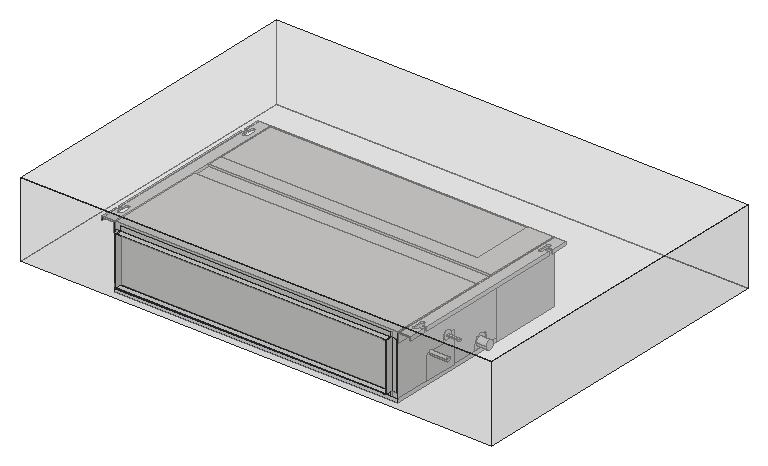
Revit family "outputfile", category 機械設備, Revit 2024
Family settings
  丸型コネクタ寸法 = 半径を使用
  パーツ タイプ = 標準
  OmniClass 番号 = 23.75.10.24.21.27.27
  OmniClass タイトル = Split System Air Conditioning Units
  作業面ベース = いいえ
  常に垂直 = はい
  ロード時にボイドで切り取り = いいえ
  注釈の向きを維持 = いいえ
  共有 = いいえ
  部屋計算ポイント = はい
Parameters (values of type "FXDQ50NDVTS")
  Description = ""
  製造元 = "Daikin"
  書き出し IFC クラス(タイプ) = "IfcUnitaryEquipmentType"
  定義済み IFC タイプ(タイプ) = "AIRCONDITIONINGUNIT"
  Cost = 0
  モデル = "FXDQ50NDVTS"
  Type Comments = ""
  Keynote = ""
  Type Image = (empty or 0)
  Assembly Code = ""
  w_pipe = 33.0 mm
  r_Liquid Pipe Size = Liquid Pipe Size / 2  # 3.2 mm
  r_Gas Pipe Size = Gas Pipe Size / 2  # 6.35 mm
  r_Drain Pipe Size = Drain Pipe Size / 2  # 10.0 mm
  lw_powersupply = 404.0 mm
  lw_ductflange2 = 820.0 mm
  lw_Width = 860.0 mm
  lh_suctionflange [instance] = if(Rear Connection_Return Air, 100.0 mm + [h***], 190.0 mm + [h***])  # 100.0 mm
  ld_suctionflange [instance] = if(Rear Connection_Return Air, 190.0 mm, 100.0 mm)  # 190.0 mm
  ld_powersupply = 60.0 mm
  angle_vertical_RA [instance] = if(Rear Connection_Return Air, 90.00°, 0.00°)  # 90.00°
  angle horizontal_RA [instance] = if(Rear Connection_Return Air, 180.00°, 270.00°)  # 180.00°
  Voltage_comment_50Hz = "220-240"
  Voltage_50Hz = 220 V
  URL = ""
  Supply Air Direction [instance] = yes
  Sound Power Level_H speed (dB) = 58
  Rear Connection_Return Air [instance] = not(Bottom Connection_Return Air)  # yes
  RA_length = 190.0 mm  # constant formula
  Phase_50Hz = 1
  Minimum External Static Pressure = 15.00 Pa
  Minimum Circuit Amps_50Hz = 1.0 A
  Maximum Fuse Amps_50Hz = 16.0 A
  Maximum External Static Pressure = 44.00 Pa
  Material_Casing = DAIKIN_GalvanizedSteel_Casing_indoorunit
  lw_liquidpipe = 46.0 mm  # constant formula
  lw_gaspipe = 57.0 mm  # constant formula
  lw_mountinghole_pitch = 940.0 mm
  lw_mountinghole = 20.0 mm  # constant formula
  lw_drainpipe = 33.0 mm  # constant formula
  lh_powersupply = 10.0 mm
  lh_liquidpipe = 110.0 mm
  lh_gaspipe = 87.0 mm
  lh_mountinghole = Height + [h***]  # 200.0 mm
  lh_drainpipe = 150.0 mm
  lh_antena = 1.0 mm  # constant formula
  ld_liquidpipe = 193.0 mm  # constant formula
  ld_gaspipe = 130.0 mm  # constant formula
  ld_mountinghole_pitch = 0.0 mm  # constant formula
  ld_drainpipe = 280.0 mm
  ld_controlbox = 626.0 mm  # constant formula
  h*** = 0.0 mm  # constant formula
  d_dischargeflange = 21.2 mm  # constant formula
  Width = 900.0 mm
  Version = "ver.1.0"
  Unit Type = "Slim Duct (Standard) Type"
  Unit Mass Weight = 28.00 kg
  Unit Designation [instance] = ""
  Uniclass2015Version = "Products v1.30"
  Uniclass2015Title = "Variable refrigerant flow units"
  Uniclass2015Code = "Pr_70_65_03_94"
  Total Heating Capacity [instance] = 0.000 kW
  Total Cooling Capacity [instance] = 0.000 kW
  Sound Pressure Level_M speed (dBA) = 0
  Sound Pressure Level_L speed (dBA) = 27
  Sound Pressure Level_H speed (dBA) = 33
  Series = "VRV Fan Coil Unit"
  Sensible Cooling Capacity [instance] = 0.000 kW
  SA Duct Size Width = 860.0 mm
  SA Duct Size Height = 153.0 mm
  Refrigerant Type = "R410A"
  RA Duct Size Width = 800.0 mm
  RA Duct Size Height = 180.0 mm
  Power Input (Heating) = 0.152 kW
  Power Input (Cooling) = 0.152 kW
  Option Accessory 3 [instance] = ""
  Option Accessory 2 [instance] = ""
  Option Accessory 1 [instance] = ""
  Nominal Heating Capacity = 6.300 kW
  Nominal Cooling Capacity = 5.600 kW
  Minimum Airflow = 600.00 m³/h
  Median Airflow = 660.00 m³/h
  Maximum Airflow = 750.00 m³/h
  Load Classification = HVAC
  Liquid Pipe Size = 6.4 mm
  Link_Nested Family [instance] = ""
  IfcVersion = "0"
  IfcExportType = "AIRCONDITIONINGUNIT"
  IfcExportAs = "IfcUnitaryEquipmentType"
  Height = 200.0 mm
  Heating Entering Wet Bulb Temperature [instance] = 0.00 °C
  Heating Entering Dry Bulb Temperature [instance] = 0.00 °C
  Heating Ambient Wet Bulb Temperature [instance] = 0.00 °C
  Heating Ambient Dry Bulb Temperature [instance] = 0.00 °C
  Heat Exchanger Type = "Cross Fin Coil"
  Gas Pipe Size = 12.7 mm
  Frequency_50Hz = 50 Hz
  Fan Type = "Sirocco Fan"
  Fan Drive = "Direct Drive"
  FCU Tag No. [instance] = ""
  Drain Pipe Size = 20.0 mm
  Design Supply Airflow [instance] = 0.00 m³/h
  Design Return Airflow [instance] = 0.00 m³/h
  Design External Static Pressure [instance] = 0.00 Pa
  Depth = 620.0 mm
  既定の高さ = 0.0 mm
  Cooling Entering Wet Bulb Temperature [instance] = 0.00 °C
  Cooling Entering Dry Bulb Temperature [instance] = 0.00 °C
  Cooling Ambient Wet Bulb Temperature [instance] = 0.00 °C
  Cooling Ambient Dry Bulb Temperature [instance] = 0.00 °C
  Clearance visibility [instance] = yes
  Clearance Top = 20.0 mm
  Clearance Right = 300.0 mm
  Clearance Rear = 400.0 mm
  Clearance Left = 300.0 mm
  Clearance Front = 0.0 mm
  Clearance Bottom = 20.0 mm
  Bottom Connection_Return Air [instance] = no
Reference planes
  plane 1 "Center (Front/Back)": y = 0
  plane 2: z = 0
  plane 3 "Center (Left/Right)": x = 0
  plane 4 "Back": y = 310
  plane 5 "Front": y = -310
  plane 6 "Left": x = -450
  plane 7 "Right": x = 450
  plane 8 "Top": z = 0
  plane 9 "Bottom": z = -200
  plane 10: x = 330
  plane 11: x = -330
  plane 12: z = -190
  plane 13: z = -6
  plane 14: z = -22
  plane 15: z = -90
  plane 16: z = -113
  plane 17: x = -304
  plane 18: x = 304
  plane 19: x = -470
  plane 20: x = 470
  plane 21: y = 250
  plane 22: y = 250
  plane 23: x = -490
  plane 24: x = 390
  plane 25: x = 496
  plane 26: x = 507
  plane 27: x = 483
  plane 28: z = 0
  plane 29: z = -50
  plane 30 "Clearance Left": x = -750
  plane 31 "Clearance Right": x = 750
  plane 32 "Clearance Rear": y = 710
  plane 33 "Clearance Front": y = -310
  plane 34 "Clearance Top": z = 20
  plane 35 "Clearance Bottom": z = -220
  plane 36: z = -21
  plane 37: z = -170
  plane 38: z = -96.5
  plane 39: x = -40
  plane 40: y = -180
  plane 41: y = -117
  plane 42: y = -30
  plane 43: y = 20
  plane 44: z = -97.5
  plane 45: y = -309
  plane 46: x = -449
  plane 47: z = -100
  plane 48: z = -30
  plane 49: y = 210
  plane 50: z = 301
  plane 51: z = -199
  plane 52: y = 120
  plane 53: z = -101
  plane 54: x = 480
  plane 55: x = 445
  plane 56: x = 455
  plane 57: x = 451
  plane 58: x = 369
  plane 59: x = 449.004
  plane 60: x = -449
  plane 61: x = 404
  plane 62: z = -189
  plane 63: z = 102.5
Forms (mm)
  Extrusion 1, solid
    sketch origin (0, 0, 0) x (1, 0, 0) y (0, 0, 1)
      loop
        line (-450, -190) -> (-450, -200) -> (450, -200) -> (450, -190) -> (-450, -190)
    from -84 to 310
  Extrusion 2, solid, material "DAIKIN_GalvanizedSteel_Casing_indoorunit" <- "Material_Casing"
    sketch origin (0, 0, 0) x (1, 0, 0) y (0, 1, 0)
      loop
        line (-450, -309) -> (450, -309) -> (450, 310) -> (-450, 310) -> (-450, -309)
    from -200 to 0
  Extrusion 3, void
    sketch origin (0, 0, 1) x (1, 0, 0) y (0, 1, 0)
      loop
        line (-450, 62.179) -> (-450, 4.179) -> (450, 4.179) -> (450, 62.179) -> (-450, 62.179)
    from -1 to -7
  Extrusion 4, void
    sketch origin (0, 0, 0) x (0, 1, 0) y (0, 0, 1)
      loop
        line (-5, -190) -> (45, -190) -> (45, -170)
        arc (45, -170) -> (20, -145) -> (-5, -170) r 25
        line (-5, -170) -> (-5, -190)
    from 450 to 445
  Revolve 5, solid, material "DAIKIN_GalvanizedSteel_Casing_indoorunit" <- "Material_Casing"
    sketch origin (0, 0, -113) x (0, -1, 0) y (1, 0, 0)
      loop
        line (173.65, 451) -> (180, 451) -> (180, 507) -> (173.65, 507) -> (173.65, 451)
      axis (180, 451) -> (180, 507)
    angle from 0 to 360
  Revolve 6, solid, material "DAIKIN_GalvanizedSteel_Casing_indoorunit" <- "Material_Casing"
    sketch origin (0, 0, -90) x (0, -1, 0) y (1, 0, 0)
      loop
        line (117, 451) -> (117, 496) -> (113.8, 496) -> (113.8, 451) -> (117, 451)
      axis (117, 496) -> (117, 451)
    angle from 0 to 360
  Extrusion 7, solid, material "DAIKIN_GalvanizedSteel_Casing_indoorunit" <- "Material_Casing"
    sketch origin (0, 0, 0) x (0, 1, 0) y (0, 0, 1)
      loop
        circle (-116, -90) r 12.7
    from 450 to 455
  Extrusion 8, solid, material "DAIKIN_GalvanizedSteel_Casing_indoorunit" <- "Material_Casing"
    sketch origin (0, 0, 0) x (0, 1, 0) y (0, 0, 1)
      loop
        circle (20, -170) r 13
    from 480 to 445
  Extrusion 9, solid, material "DAIKIN_GalvanizedSteel_Casing_indoorunit" <- "Material_Casing"
    sketch origin (0, 0, 0) x (1, 0, 0) y (0, 0, 1)
      loop
        line (-450, -190) -> (-450, -200) -> (450, -200) -> (450, -190) -> (-450, -190)
    from -84 to 310
  Extrusion 10, solid, material "DAIKIN_GalvanizedSteel_Casing_indoorunit" <- "Material_Casing", visible <- "Bottom Connection_Return Air"
    sketch origin (0, 0, 0) x (1, 0, 0) y (0, 0, 1)
      loop
        line (369, -200) -> (369, -1) -> (-449, -1) -> (-449, -200) -> (369, -200)
    from -310 to -309
  Extrusion 11, void
    sketch origin (0, 0, 0) x (1, 0, 0) y (0, 0, 1)
      loop
        line (369, 0) -> (-449, 0) -> (-449, -1) -> (369, -1) -> (369, 0)
    from -310 to -111
  Extrusion 12, solid, material "DAIKIN_GalvanizedSteel_Casing_indoorunit" <- "Material_Casing", visible <- "Rear Connection_Return Air"
    sketch origin (0, 0, 0) x (1, 0, 0) y (0, 1, 0)
      loop
        line (-449, 310) -> (-449, 111) -> (369, 111) -> (369, 310) -> (-449, 310)
    from -200 to -199
  Extrusion 13, solid, material "DAIKIN_GalvanizedSteel_Casing_indoorunit" <- "Material_Casing"
    sketch origin (0, 0, 0) x (0, 1, 0) y (0, 0, 1)
      loop
        line (-194, -113) -> (-194, -190) -> (-88.3, -190) -> (-88.3, -90) -> (-103.3, -90)
        arc (-103.3, -90) -> (-116, -102.7) -> (-128.7, -90) r 12.7
        line (-128.7, -90) -> (-128.7, -113) -> (-173.65, -113)
        arc (-173.65, -113) -> (-180, -119.35) -> (-186.35, -113) r 6.35
        line (-186.35, -113) -> (-194, -113)
    from 451 to 450
  Extrusion 14, solid, material "DAIKIN_GalvanizedSteel_Casing_indoorunit" <- "Material_Casing"
    sketch origin (0, 0, 0) x (0, 1, 0) y (0, 0, 1)
      loop
        line (84, -199) -> (310, -199) -> (310, -22) -> (91, -22) -> (84, -29) -> (84, -199)
    from 451 to 450
Cuts and joins
  Extrusion 3, Extrusion 4, Extrusion 11 cuts Extrusion 2
  Extrusion 4 cuts Extrusion 1
  Extrusion 11 cuts Extrusion 9
Dimensions and locks
  "lh_powersupply": plane 12 to plane 9 "Bottom"
  locked: plane 8 "Top" to plane 13 at 6
  "Height": plane 8 "Top" to plane 9 "Bottom"
  equal spacing: plane 17, plane 3 "Center (Left/Right)", plane 18, locked at 304 each
  locked: plane 17 to plane 18 at 608
  equal spacing: plane 19, plane 3 "Center (Left/Right)", plane 20
  "lw_mountinghole_pitch": plane 19 to plane 20
  locked: plane 14 to plane 9 "Bottom" at 178
  "lw_mountinghole": plane 23 to plane 19
  "lh_liquidpipe": plane 15 to plane 9 "Bottom"
  "lh_gaspipe": plane 16 to plane 9 "Bottom"
  "lh_mountinghole": plane 28 to plane 9 "Bottom"
  "ld_mountinghole_pitch": plane 22 to plane 21
  equal spacing: plane 6 "Left", plane 3 "Center (Left/Right)", plane 7 "Right"
  "Width": plane 6 "Left" to plane 7 "Right"
  "lh_drainpipe": plane 29 to plane 9 "Bottom"
  "Clearance Right": plane 7 "Right" to plane 31 "Clearance Right"
  "Clearance Left": plane 30 "Clearance Left" to plane 6 "Left"
  "lw_gaspipe": plane 7 "Right" to plane 26
  "lw_liquidpipe": plane 7 "Right" to plane 25
  "lw_drainpipe": plane 7 "Right" to plane 27
  "Clearance Rear": plane 32 "Clearance Rear" to plane 4 "Back"
  "Clearance Front": plane 5 "Front" to plane 33 "Clearance Front"
  "Clearance Top": plane 34 "Clearance Top" to plane 8 "Top"
  "Clearance Bottom": plane 9 "Bottom" to plane 35 "Clearance Bottom"
  "ld_powersupply": plane 4 "Back" to plane 22
  locked: plane 8 "Top" to plane 36 at 21
  locked: plane 8 "Top" to plane 37 at 170
  locked: plane 40 to plane 41 at 63
  locked: plane 38 to plane 9 "Bottom" at 103.5
  locked: plane 36 to plane 44 at 76.5
  "Depth": plane 4 "Back" to plane 5 "Front"
  equal spacing: plane 4 "Back", plane 1 "Center (Front/Back)", plane 5 "Front"
  locked: plane 45 to plane 5 "Front" at 1
  locked: plane 46 to plane 6 "Left" at 1
  Extrusion 10 sketch curve to Extrusion 10 sketch curve = 199.0 mm
  locked: plane 12 to plane 47 at 90
  plane 32 "Clearance Rear" to Extrusion 10 = 401.0 mm
  locked: plane 48 to plane 35 "Clearance Bottom" at 190
  plane 50 to plane 28 = 301.0 mm
  locked: plane 51 to plane 9 "Bottom" at 1
  "ld_suctionflange": plane 4 "Back" to plane 52
  locked: plane 53 to plane 9 "Bottom" at 99
  locked: plane 7 "Right" to plane 54 at 30
  locked: plane 55 to plane 7 "Right" at 5
  locked: plane 7 "Right" to plane 56 at 5
  locked: plane 7 "Right" to plane 57 at 1
  plane 7 "Right" to plane 58 = 81.0 mm
  locked: plane 7 "Right" to plane 59 at 0.996
  locked: plane 60 to plane 6 "Left" at 1
  "lw_powersupply": plane 3 "Center (Left/Right)" to plane 61
  "r_Gas Pipe Size": nested 6 to Revolve 5 sketch curve
  "r_Liquid Pipe Size": nested 5 to Revolve 6 sketch curve
  locked: plane 62 to plane 9 "Bottom" at 11
  aligned and locked: level to plane 2
  aligned and locked: Extrusion 2 to plane 9 "Bottom"
  aligned and locked: plane 8 "Top" to Extrusion 2
  aligned and locked: Revolve 5 sketch curve to Revolve 5 sketch curve
  aligned and locked: plane 15 to Extrusion 7 sketch curve
  aligned and locked: cut or joined group of Extrusion 1, Extrusion 4 to plane 9 "Bottom"
  aligned and locked: plane 25 to nested 5
  aligned and locked: nested 5 to plane 15
  aligned and locked: nested 1 to plane 22
  aligned and locked: plane 20 to nested 2
  aligned and locked: plane 19 to nested 3
  aligned and locked: plane 22 to nested 4
  aligned and locked: nested 4 to plane 22
  aligned and locked: plane 19 to nested 4
  aligned and locked: nested 10 to plane 12
  aligned and locked: Extrusion 9 to plane 5 "Front"
  aligned and locked: Extrusion 9 to plane 9 "Bottom"
  aligned and locked: nested 6 to plane 16
  aligned and locked: plane 40 to nested 6
  aligned and locked: plane 41 to nested 5
  aligned and locked: Extrusion 8 sketch curve to plane 43
  aligned and locked: plane 4 "Back" to Extrusion 11
  aligned and locked: plane 8 "Top" to Extrusion 3
  aligned and locked: Extrusion 10 to cut or joined group of Extrusion 2, Extrusion 3, Extrusion 4, Extrusion 11
  aligned and locked: plane 9 "Bottom" to Extrusion 12  (x2)
  aligned and locked: Extrusion 12 to plane 51
  aligned and locked: Extrusion 11 to level
  aligned and locked: plane 32 "Clearance Rear" to nested 13
  aligned and locked: plane 31 "Clearance Right" to nested 13
  aligned and locked: plane 30 "Clearance Left" to nested 13
  aligned and locked: nested 13 to plane 33 "Clearance Front"
  aligned and locked: nested 13 to plane 34 "Clearance Top"
  aligned and locked: nested 13 to plane 35 "Clearance Bottom"
  aligned and locked: plane 7 "Right" to Extrusion 13  (x2)
  aligned and locked: plane 4 "Back" to Extrusion 14
  aligned and locked: Extrusion 14 to plane 51
  aligned and locked: plane 7 "Right" to Extrusion 14  (x2)
  aligned and locked: Extrusion 13 to Revolve 5 sketch curve
  aligned and locked: Extrusion 3 to plane 13
  aligned and locked: plane 52 to nested 14
  aligned and locked: Extrusion 7 to plane 7 "Right"
  aligned and locked: plane 7 "Right" to cut or joined group of Extrusion 2, Extrusion 3, Extrusion 4, Extrusion 11  (x3)
  aligned and locked: cut or joined group of Extrusion 2, Extrusion 3, Extrusion 4, Extrusion 11 to plane 55
  aligned and locked: Extrusion 8 to plane 55
  aligned and locked: plane 54 to Extrusion 8
  aligned and locked: plane 56 to Extrusion 7
  aligned and locked: plane 57 to Extrusion 14
  aligned and locked: Extrusion 13 to plane 57
  aligned and locked: plane 26 to nested 6
  aligned and locked: plane 58 to Extrusion 11 sketch curve
  aligned and locked: Extrusion 10 sketch curve to plane 58
  aligned and locked: plane 3 "Center (Left/Right)" to nested 15
  aligned and locked: Extrusion 12 to plane 58
  aligned and locked: plane 6 "Left" to nested 11
  aligned and locked: plane 8 "Top" to nested 15
  aligned and locked: plane 4 "Back" to nested 15
  aligned and locked: cut or joined group of Extrusion 2, Extrusion 3, Extrusion 4, Extrusion 11 to plane 45
  aligned and locked: nested 10 to plane 61
  aligned and locked: plane 20 to nested 1
  aligned and locked: plane 43 to nested 7
  aligned and locked: nested 7 to plane 37
  aligned and locked: plane 54 to nested 7
  aligned and locked: nested 9 to plane 1 "Center (Front/Back)"
  aligned and locked: plane 3 "Center (Left/Right)" to nested 9
  aligned and locked: nested 16 to plane 62
  aligned and locked: plane 13 to nested 16
  aligned and locked: nested 11 to plane 51
  aligned and locked: nested 12 to plane 51
  aligned and locked: plane 44 to nested 8
  aligned and locked: plane 45 to nested 16
  aligned and locked: level to plane 8 "Top"
Automatic sketch dimensions
  Extrusion 1 sketch curve to plane 6 "Left" = 0.0 mm
  Extrusion 1 sketch curve to plane 7 "Right" = 0.0 mm
  Extrusion 1 sketch curve to plane 9 "Bottom" = 0.0 mm
  Extrusion 1 sketch curve to plane 12 = 0.0 mm
  Extrusion 2 sketch curve to plane 4 "Back" = 0.0 mm
  Extrusion 2 sketch curve to plane 6 "Left" = 0.0 mm
  Extrusion 2 sketch curve to plane 7 "Right" = 0.0 mm
  Extrusion 2 sketch curve to plane 45 = 0.0 mm
  Extrusion 3 sketch curve to plane 6 "Left" = 0.0 mm
  Extrusion 3 sketch curve to plane 7 "Right" = 0.0 mm
  Extrusion 3 sketch curve to plane 1 "Center (Front/Back)" = 4.179 mm
  plane 43 to Extrusion 3 sketch curve = 42.179 mm
  Extrusion 4 sketch curve to plane 37 = 0.0 mm
  Extrusion 4 sketch curve to plane 12 = 0.0 mm
  Extrusion 4 sketch curve to plane 43 = 0.0 mm
  plane 1 "Center (Front/Back)" to Extrusion 4 sketch curve = 5.0 mm
  plane 41 to Extrusion 7 sketch curve = 1.0 mm
  Extrusion 8 sketch curve to plane 37 = 0.0 mm
  Extrusion 9 sketch curve to plane 6 "Left" = 0.0 mm
  Extrusion 9 sketch curve to plane 7 "Right" = 0.0 mm
  Extrusion 9 sketch curve to plane 9 "Bottom" = 0.0 mm
  Extrusion 9 sketch curve to plane 12 = 0.0 mm
  plane 46 to Extrusion 10 sketch curve = 0.0 mm
  plane 46 to Extrusion 11 sketch curve = 0.0 mm
  Extrusion 11 sketch curve to plane 8 "Top" = 1.0 mm
  Extrusion 12 sketch curve to plane 46 = 0.0 mm
  Extrusion 12 sketch curve to plane 4 "Back" = 0.0 mm
  plane 18 to Extrusion 12 sketch curve = 65.0 mm
  plane 43 to Extrusion 12 sketch curve = 91.0 mm
  plane 35 "Clearance Bottom" to Extrusion 11 sketch curve = 220.0 mm
  Extrusion 10 sketch curve to plane 51 = 1.0 mm
  Extrusion 13 sketch curve to plane 12 = 0.0 mm
  Extrusion 13 sketch curve to plane 16 = 0.0 mm
  Extrusion 13 sketch curve to plane 40 = 0.0 mm
  Extrusion 13 sketch curve to plane 15 = 0.0 mm
  Extrusion 13 sketch curve to Extrusion 13 sketch curve = 6.35 mm
  Extrusion 13 sketch curve to Extrusion 13 sketch curve = 7.65 mm
  Extrusion 13 sketch curve to plane 41 = 11.7 mm
  plane 41 to Extrusion 13 sketch curve = 1.0 mm
  Extrusion 13 sketch curve to Extrusion 13 sketch curve = 27.7 mm
  Extrusion 14 sketch curve to plane 51 = 0.0 mm
  Extrusion 14 sketch curve to plane 14 = 0.0 mm
  plane 48 to Extrusion 14 sketch curve = 1.0 mm
  plane 43 to Extrusion 14 sketch curve = 64.0 mm
  Extrusion 14 sketch curve to Extrusion 14 sketch curve = 7.0 mm
  Extrusion 14 sketch curve to plane 4 "Back" = 0.0 mm
  Revolve 5 sketch curve to plane 26 = 0.0 mm
  Revolve 5 sketch curve to plane 40 = 0.0 mm
  Revolve 5 sketch curve to Revolve 5 sketch curve = 1.003 mm
  plane 26 to Revolve 5 sketch curve = 1.003 mm
  Revolve 6 sketch curve to plane 41 = 0.0 mm  (x2)
  Revolve 6 sketch curve to plane 25 = 0.0 mm  (x2)
  Revolve 6 sketch curve to plane 57 = 0.0 mm  (x2)
  radius of Extrusion 7 sketch curve = 12.7 mm
  radius of Extrusion 8 sketch curve = 13.0 mm
Nested families
  nested 1: "daikin_mountinghole" at (470, 250, -200), l_antenna <- "lh_antena", Link_Nested Family <- "Link_Nested Family", h_mountinghole <- "lh_mountinghole", type "daikin_mountinghole"
    with show yes, l_antenna 1.0 mm, h_mountinghole 200.0 mm, Link_Nested Family ""
  nested 2: "daikin_mountinghole" at (470, -250, -200), Link_Nested Family <- "Link_Nested Family", l_antenna <- "lh_antena", h_mountinghole <- "lh_mountinghole", type "daikin_mountinghole"
    with show yes, l_antenna 1.0 mm, h_mountinghole 200.0 mm, Link_Nested Family ""
  nested 3: "daikin_mountinghole" at (-470, -250, -200), l_antenna <- "lh_antena", Link_Nested Family <- "Link_Nested Family", h_mountinghole <- "lh_mountinghole", type "daikin_mountinghole"
    with show yes, l_antenna 1.0 mm, h_mountinghole 200.0 mm, Link_Nested Family ""
  nested 4: "daikin_mountinghole" at (-470, 250, -200), l_antenna <- "lh_antena", Link_Nested Family <- "Link_Nested Family", h_mountinghole <- "lh_mountinghole", type "daikin_mountinghole"
    with show yes, l_antenna 1.0 mm, h_mountinghole 200.0 mm, Link_Nested Family ""
  nested 5: "daikin_connector_rotate2" at (450, -117, -90) x (0, 1, 0) z (0, 0, 1), length <- "lw_liquidpipe", built-in parameter 1001364 <- "lh_liquidpipe", radius <- "r_Liquid Pipe Size", type "daikin_connector_rotate2"
    with radius 3.2 mm, length 46.0 mm, angle_vertical 90.00°, show_face no
  nested 6: "daikin_connector_rotate2" at (450, -180, -113) x (0, 1, 0) z (0, 0, 1), length <- "lw_gaspipe", built-in parameter 1001364 <- "lh_gaspipe", radius <- "r_Gas Pipe Size", type "daikin_connector_rotate2"
    with radius 6.35 mm, length 57.0 mm, angle_vertical 90.00°, show_face no
  nested 7: "daikin_connector_rotate2" at (447, 20, -170) x (0, 1, 0) z (0, 0, 1), built-in parameter 1001364 <- "lh_drainpipe", length <- "lw_drainpipe", radius <- "r_Drain Pipe Size", type "daikin_connector_rotate2"
    with radius 10.0 mm, length 33.0 mm, angle_vertical 90.00°, show_face no
  nested 8: "daikin_connector_rotate2" at (0, -309, -97.5), length <- "d_dischargeflange", type "daikin_connector_rotate2"
    with radius 10.0 mm, length 21.2 mm, angle_vertical 90.00°, show_face no
  nested 9: "daikin_△_symbolicline" at (-75, -129.904, 200) x (-0.5, 0.866, 0) z (0, 0, 1), built-in parameter 1001364 <- "Height", visible <- "Supply Air Direction", type "daikin_△_symbolicline"
    with length 300.0 mm
  nested 10: "daikin_connector_rotate2" at (404, 250, -190) x (-1, 0, 0) z (0, 0, 1), built-in parameter 1001364 <- "lw_powersupply", length <- "ld_powersupply", type "daikin_connector_rotate2"
    with radius 10.0 mm, length 60.0 mm, angle_vertical 90.00°, show_face no
  nested 11: "daikin_ductflange_FXDQ-NDVTS2" at (-40, 310, -100), visible <- "Rear Connection_Return Air", material <- "Material_Casing", width <- "lw_ductflange2", type "daikin_ductflange_FXDQ-NDVTS2"
    with width 820.0 mm, material DAIKIN_GalvanizedSteel_Casing_indoorunit, height 180.0 mm, depth 21.2 mm
  nested 12: "daikin_ductflange_FXDQ-NDVTS2" at (-40, 210, -200) x (1, 0, 0) z (0, 1, 0), visible <- "Bottom Connection_Return Air", material <- "Material_Casing", width <- "lw_ductflange2", type "daikin_ductflange_FXDQ-NDVTS2"
    with width 820.0 mm, material DAIKIN_GalvanizedSteel_Casing_indoorunit, height 180.0 mm, depth 21.2 mm
  nested 13: "daikin_clearancespace" at (0, 200, -99.881), visible <- "Clearance visibility", show <- "Clearance visibility", Link_Nested Family <- "Link_Nested Family", type "daikin_clearancespace"
    with width 1500.0 mm, show yes, height 240.0 mm, depth 1020.0 mm, Link_Nested Family ""
  nested 14: "daikin_connector_rotate3" at (-40, 120, -100), built-in parameter 1001364 <- "lh_suctionflange", angle_vertical <- "angle_vertical_RA", angle_horizontal <- "angle horizontal_RA", length <- "RA_length", type "daikin_connector_rotate3"
    with show no, radius 10.0 mm, length 190.0 mm, angle_vertical 90.00°, angle_horizontal 180.00°
  nested 15: "daikin_hangerfixture_FXDQ-NDVTS" at (0, 0.5, 0), type "daikin_hangerfixture_FXDQ-NDVTST"
  nested 16: "daikin_ductflange_FXDQ-NDVTS" at (0, 4.5, -364.201), width <- "lw_Width", material <- "Material_Casing", type "daikin_ductflange_FXDQ-NDVTS"
    with width 860.0 mm, material DAIKIN_GalvanizedSteel_Casing_indoorunit, height 155.0 mm, depth 21.2 mm
Connectors
  piping at (507, -180, -113), diameter 12.7, driven by "r_Gas Pipe Size"
    settings: on nested 6, index 1, connector inside diameter 609.6 mm, connector length 0.0 mm, flow factor 0, pipe flow 0.00 m³/h, pressure drop 0.0 Pa, fitting loss kfactor 0, connector angle 0.00°, fixture units 0, engagement length 0.0 mm, angle of deflection 0.00°, flow configuration 1, flow direction 2, fitting loss method 0, system type 29, joint type 0, gender type 0, connector reference index -1, connector utility 0, adjustable connector no, is connector primary yes, connector description "Refrigerant Gas Piping"
  piping at (496, -117, -90), diameter 6.4, driven by "r_Liquid Pipe Size"
    settings: on nested 5, index 2, connector inside diameter 609.6 mm, connector length 0.0 mm, flow factor 0, pipe flow 0.00 m³/h, pressure drop 0.0 Pa, fitting loss kfactor 0, connector angle 0.00°, fixture units 0, engagement length 0.0 mm, angle of deflection 0.00°, flow configuration 1, flow direction 1, fitting loss method 0, system type 29, joint type 0, gender type 0, connector reference index -1, connector utility 0, adjustable connector no, is connector primary no, connector description "Refrigerant Liquid Piping"
  piping at (480, 20, -170), diameter 20, driven by "r_Drain Pipe Size"
    settings: on nested 7, index 3, connector inside diameter 609.6 mm, connector length 0.0 mm, flow factor 0, pipe flow 0.00 m³/h, pressure drop 0.0 Pa, fitting loss kfactor 0, connector angle 0.00°, fixture units 0, engagement length 0.0 mm, angle of deflection 0.00°, flow configuration 1, flow direction 2, fitting loss method 4, system type 16, joint type 0, gender type 0, connector reference index -1, connector utility 0, adjustable connector no, is connector primary no, connector description "Condensate Drain Piping"
  hvac at (0, -330.2, -97.5), driven by "SA Duct Size Height", driven by "SA Duct Size Width"
    settings: on nested 8, index 7, duct flow 0.00 m³/h, flow factor 0, pres drop 0.00 Pa, loss coef 0, conn angle 0.00°, conn width 860.0 mm, conn height 153.0 mm, conn diameter 609.6 mm, duct sys type 1, conn prof type 1, flow config 0, flow direction 2, loss method 4, conn ref index -1, conn util no, is conn primary yes, conn desc "SA Duct"
  electrical at (404, 310, -190), driven by "Load Classification"
    settings: on nested 10, index 9, voltage 0 V, apparent load 0 VA, apparent load phase1 0 VA, apparent load phase2 0 VA, apparent load phase3 0 VA, power factor 1, load classification "HVAC", number of poles 1, system type 30, power factor state 1, is connector primary yes, connector utility no, sub classification motor no, connector description "Power Supply"
  hvac at (-40, 310, -100), driven by "RA Duct Size Height", driven by "RA Duct Size Width"
    settings: on nested 14, index 10, duct flow 0.00 m³/h, flow factor 0, pres drop 0.00 Pa, loss coef 0, conn angle 0.00°, conn width 800.0 mm, conn height 180.0 mm, conn diameter 609.6 mm, duct sys type 2, conn prof type 1, flow config 0, flow direction 1, loss method 4, conn ref index -1, conn util no, is conn primary no, conn desc "RA Duct"
Definition of nested family "daikin_ductflange_FXDQ-NDVTS2"
  Parameters (values of type "daikin_ductflange_FXDQ-PDVE2")
    width [instance] = 620.0 mm
    material [instance] = none
    height [instance] = 180.0 mm
    depth [instance] = 21.2 mm
    Default Elevation = 0.0 mm
  Reference planes
    plane 1 "Center (Front/Back)": y = 0
    plane 2: z = 0
    plane 3 "Center (Left/Right)": x = 0
    plane 4: y = -313.5
    plane 5: y = -334.7
    plane 6: x = -310
    plane 7: x = 310
    plane 8: z = 90
    plane 9: z = -90
    plane 10: z = 100
    plane 11: z = -100
    plane 12: x = -309
    plane 13: x = 309
  Forms (mm)
    Extrusion 1, solid, material <- "material"
      sketch origin (0, 0, 0) x (1, 0, 0) y (0, 0, 1)
        loop
          line (-300, 90) -> (-300, -90) -> (300, -90) -> (300, 90) -> (-300, 90)
        loop
          line (-309, -99) -> (309, -99) -> (309, 99) -> (-309, 99) -> (-309, -99)
      from 0 to 1
  Dimensions and locks
    plane 4 to plane 1 "Center (Front/Back)" = 313.5 mm
    "depth": plane 5 to plane 4
    equal spacing: plane 7, plane 3 "Center (Left/Right)", plane 6, locked at 310 each
    "width": plane 7 to plane 6
    equal spacing: plane 8, level, plane 9, locked at 90 each
    "height": plane 8 to plane 9
    equal spacing: plane 10, level, plane 11, locked at 100 each
    locked: plane 10 to plane 11 at 200
    plane 12 to plane 6 = 1.0 mm
    locked: plane 7 to plane 13 at 1
    locked: Extrusion 1 sketch curve to Extrusion 1 sketch curve at 9  (x4)
    locked: plane 10 to Extrusion 1 sketch curve at 1
    locked: Extrusion 1 sketch curve to plane 11 at 1
    aligned and locked: level to plane 2
  Automatic sketch dimensions
    plane 6 to Extrusion 1 sketch curve = 1.0 mm
    Extrusion 1 sketch curve to plane 7 = 1.0 mm
Definition of nested family "daikin_clearancespace"
  Parameters (values of type "daikin_clearancespace")
    width [instance] = 1823.963 mm
    show [instance] = yes
    material = none
    height [instance] = 1359.762 mm
    depth [instance] = 880.0 mm
    Default Elevation = 0.0 mm
    Link_Nested Family [instance] = ""
  Reference planes
    plane 1 "Center (Front/Back)": y = 0
    plane 2 "Center (Elevation)": z = -0.119
    plane 3 "Center (Left/Right)": x = 0
    plane 4: y = 440
    plane 5: y = -440
    plane 6 "Right": x = 911.982
    plane 7 "Left": x = -911.982
    plane 8 "Top": z = 679.762
    plane 9 "Bottom": z = -680
  Forms (mm)
    Extrusion 1, solid, material <- "material", visible <- "show"
      sketch origin (0, 0, 0) x (1, 0, 0) y (0, 1, 0)
        loop
          line (-911.982, 440) -> (-911.982, -440) -> (911.982, -440) -> (911.982, 440) -> (-911.982, 440)
      from -680 to 679.762
  Lines and regions (mm)
    symbolic lines, visible <- "show"
      curve 1: line (911.982, 440, 0) -> (-911.982, 440, 0)
      curve 2: line (-911.982, 440, 0) -> (-911.982, -440, 0)
      curve 3: line (-911.982, -440, 0) -> (911.982, -440, 0)
      curve 4: line (911.982, -440, 0) -> (911.982, 440, 0)
      curve 5: line (911.982, 0, 679.762) -> (-911.982, 0, 679.762)
      curve 6: line (911.982, 0, -680) -> (911.982, 0, 679.762)
      curve 7: line (-911.982, 0, -680) -> (911.982, 0, -680)
      curve 8: line (-911.982, 0, 679.762) -> (-911.982, 0, -680)
      curve 9: line (0, 440, 679.762) -> (0, -440, 679.762)
      curve 10: line (0, -440, 679.762) -> (0, -440, -680)
      curve 11: line (0, 440, -680) -> (0, 440, 679.762)
      curve 12: line (0, -440, -680) -> (0, 440, -680)
  Dimensions and locks
    "width": plane 7 "Left" to plane 6 "Right"
    "depth": plane 4 to plane 5
    "height": plane 8 "Top" to plane 9 "Bottom"
    equal spacing: plane 7 "Left", plane 3 "Center (Left/Right)", plane 6 "Right"
    equal spacing: plane 4, plane 1 "Center (Front/Back)", plane 5
    equal spacing: plane 8 "Top", plane 2 "Center (Elevation)", plane 9 "Bottom"
    aligned and locked: level to plane 2 "Center (Elevation)"
    aligned and locked: Extrusion 1 sketch curve to plane 4
    aligned and locked: plane 7 "Left" to Extrusion 1 sketch curve
    aligned and locked: Extrusion 1 sketch curve to plane 5
    aligned and locked: Extrusion 1 sketch curve to plane 6 "Right"
    aligned and locked: plane 8 "Top" to Extrusion 1
    aligned and locked: curve 1 to Extrusion 1
    aligned and locked: curve 2 to Extrusion 1
    aligned and locked: curve 3 to Extrusion 1
    aligned and locked: curve 4 to Extrusion 1
    aligned and locked: curve 5 to Extrusion 1
    aligned and locked: curve 6 to Extrusion 1
    aligned and locked: curve 7 to Extrusion 1
    aligned and locked: curve 8 to Extrusion 1
    aligned and locked: curve 9 to Extrusion 1
    aligned and locked: curve 10 to Extrusion 1
    aligned and locked: curve 11 to Extrusion 1
    aligned and locked: curve 12 to Extrusion 1
    aligned and locked: Extrusion 1 to plane 9 "Bottom"
Definition of nested family "daikin_hangerfixture_FXDQ-NDVTS"
  Parameters (values of type "daikin_hangerfixture_FXDQ-PDVE")
    width = 900.0 mm
    material = none
    height = 30.0 mm
    depth = 619.0 mm
    Default Elevation = 0.0 mm
  Reference planes
    plane 1 "Center (Front/Back)": y = 0
    plane 2: z = 0
    plane 3 "Center (Left/Right)": x = 0
    plane 4: x = 450
    plane 5: y = 309.5
    plane 6: y = -309.5
    plane 7: x = -450
    plane 8: z = -30
  Forms (mm)
    Extrusion 1, solid, material <- "material"
      sketch origin (0, 0, 0) x (1, 0, 0) y (0, 0, 1)
        loop
          line (450, 0) -> (450, -30) -> (452.3, -30) -> (452.3, -2.3) -> (487.7, -2.3) -> (487.7, -10) -> (490, -10) -> (490, 0) -> (450, 0)
      from -309.5 to 309.5
    Extrusion 2, void
      sketch origin (0, 0, 0) x (0, 1, 0) y (0, 0, 1)
        loop
          line (309.5, -30) -> (309.5, -17.979) -> (87.935, -17.979) -> (75.914, -30) -> (309.5, -30)
      from 0 to 550
    Extrusion 3, void
      sketch origin (0, 0, 0) x (1, 0, 0) y (0, 1, 0)
        loop
          line (490, -244) -> (477, -244) -> (477, -237.5)
          arc (477, -237.5) -> (470, -230.5) -> (463, -237.5) r 7
          line (463, -237.5) -> (463, -263.5)
          arc (463, -263.5) -> (470, -270.5) -> (477, -263.5) r 7
          line (477, -263.5) -> (477, -257) -> (490, -257) -> (490, -244)
        loop
          line (490, 243) -> (490, 256) -> (477, 256) -> (477, 262.5)
          arc (477, 262.5) -> (470, 269.5) -> (463, 262.5) r 7
          line (463, 262.5) -> (463, 236.5)
          arc (463, 236.5) -> (470, 229.5) -> (477, 236.5) r 7
          line (477, 236.5) -> (477, 243) -> (490, 243)
      from -254.96 to 618
    Extrusion 4, solid, material <- "material"
      sketch origin (0, 0, 0) x (-1, 0, 0) y (0, 0, -1)
        loop
          line (450, 0) -> (490, 0) -> (490, 10) -> (487.7, 10) -> (487.7, 2.3) -> (452.3, 2.3) -> (452.3, 30) -> (450, 30) -> (450, 0)
      from -309.5 to 309.5
    Extrusion 5, void
      sketch origin (0, 0, 0) x (-1, 0, 0) y (0, -1, 0)
        loop
          line (490, 244) -> (490, 257) -> (477, 257) -> (477, 263.5)
          arc (477, 263.5) -> (470, 270.5) -> (463, 263.5) r 7
          line (463, 263.5) -> (463, 237.5)
          arc (463, 237.5) -> (470, 230.5) -> (477, 237.5) r 7
          line (477, 237.5) -> (477, 244) -> (490, 244)
        loop
          line (490, -243) -> (477, -243) -> (477, -236.5)
          arc (477, -236.5) -> (470, -229.5) -> (463, -236.5) r 7
          line (463, -236.5) -> (463, -262.5)
          arc (463, -262.5) -> (470, -269.5) -> (477, -262.5) r 7
          line (477, -262.5) -> (477, -256) -> (490, -256) -> (490, -243)
      from -254.96 to 618
  Cuts and joins
    Extrusion 2, Extrusion 3, Extrusion 5 cuts Extrusion 1
    Extrusion 5 cuts Extrusion 4
  Dimensions and locks
    equal spacing: plane 5, plane 1 "Center (Front/Back)", plane 6
    "depth": plane 5 to plane 6
    plane 6 to plane 1 "Center (Front/Back)" to plane 5 = 309.5 mm, 309.5 mm
    equal spacing: plane 4, plane 3 "Center (Left/Right)", plane 7
    "width": plane 4 to plane 7
    "height": level to plane 8
    locked: plane 4 to Extrusion 2 at 100
    aligned and locked: level to plane 2
    aligned and locked: plane 5 to Extrusion 1
    aligned and locked: Extrusion 1 to plane 6
    aligned and locked: Extrusion 1 to plane 4
    aligned and locked: plane 5 to cut or joined group of Extrusion 1, Extrusion 2, Extrusion 3, Extrusion 5
    aligned and locked: cut or joined group of Extrusion 1, Extrusion 2, Extrusion 3, Extrusion 5 to plane 6
    aligned and locked: level to cut or joined group of Extrusion 1, Extrusion 2, Extrusion 3, Extrusion 5
    aligned and locked: cut or joined group of Extrusion 1, Extrusion 2, Extrusion 3, Extrusion 5 to plane 8
    aligned and locked: plane 5 to cut or joined group of Extrusion 4, Extrusion 5
    aligned and locked: cut or joined group of Extrusion 4, Extrusion 5 to plane 6
  Automatic sketch dimensions
    Extrusion 1 sketch curve to plane 4 = 0.0 mm
    Extrusion 1 sketch curve to plane 8 = 0.0 mm
    Extrusion 1 sketch curve to level = 0.0 mm
    plane 4 to Extrusion 1 sketch curve = 2.3 mm
    Extrusion 1 sketch curve to level = 2.3 mm
    Extrusion 1 sketch curve to Extrusion 1 sketch curve = 35.4 mm
    Extrusion 1 sketch curve to Extrusion 1 sketch curve = 2.3 mm
    Extrusion 1 sketch curve to Extrusion 1 sketch curve = 7.7 mm
    Extrusion 2 sketch curve to plane 8 = 0.0 mm
    Extrusion 2 sketch curve to plane 5 = 0.0 mm
    plane 8 to Extrusion 2 sketch curve = 12.021 mm
    Extrusion 2 sketch curve to plane 1 "Center (Front/Back)" = 87.935 mm
    Extrusion 2 sketch curve to Extrusion 2 sketch curve = 12.021 mm
    plane 4 to Extrusion 3 sketch curve = 13.0 mm  (x2)
    Extrusion 3 sketch curve to Extrusion 3 sketch curve = 7.0 mm  (x4)
    Extrusion 3 sketch curve to Extrusion 3 sketch curve = 13.0 mm  (x4)
    plane 6 to Extrusion 3 sketch curve = 46.0 mm
    Extrusion 3 sketch curve to Extrusion 3 sketch curve = 6.5 mm  (x4)
    Extrusion 3 sketch curve to plane 5 = 73.0 mm
    Extrusion 4 sketch curve to plane 7 = 0.0 mm
    Extrusion 4 sketch curve to plane 8 = 0.0 mm
    Extrusion 4 sketch curve to level = 0.0 mm
    Extrusion 4 sketch curve to plane 7 = 2.3 mm
    Extrusion 4 sketch curve to level = 2.3 mm
    Extrusion 4 sketch curve to Extrusion 4 sketch curve = 35.4 mm
    Extrusion 4 sketch curve to Extrusion 4 sketch curve = 2.3 mm
    Extrusion 4 sketch curve to Extrusion 4 sketch curve = 7.7 mm
    Extrusion 5 sketch curve to plane 7 = 13.0 mm  (x2)
    Extrusion 5 sketch curve to Extrusion 5 sketch curve = 7.0 mm  (x4)
    Extrusion 5 sketch curve to Extrusion 5 sketch curve = 13.0 mm  (x4)
    Extrusion 5 sketch curve to plane 5 = 47.0 mm
    Extrusion 5 sketch curve to Extrusion 5 sketch curve = 6.5 mm  (x4)
    plane 6 to Extrusion 5 sketch curve = 72.0 mm
Definition of nested family "daikin_ductflange_FXDQ-NDVTS"
  Parameters (values of type "daikin_ductflange_FXDQ-NDVET")
    width [instance] = 860.0 mm
    material [instance] = none
    height [instance] = 155.0 mm
    depth [instance] = 21.2 mm
    Default Elevation = 0.0 mm
  Reference planes
    plane 1 "Center (Front/Back)": y = 0
    plane 2: z = 189.201
    plane 3 "Center (Left/Right)": x = 0
    plane 4: y = -313.5
    plane 5: x = -430
    plane 6: x = 430
    plane 7: y = -334.7
    plane 8: z = 344.201
    plane 9: z = 266.701
    plane 10: z = 343.201
    plane 11: z = 190.201
  Forms (mm)
    Extrusion 1, solid, material <- "material"
      sketch origin (0, 0, 189.201) x (1, 0, 0) y (0, 1, 0)
        loop
          line (-430, -334.7) -> (-430, -313.5) -> (-448, -313.5) -> (-448, -314.5) -> (-431, -314.5) -> (-431, -334.7) -> (-430, -334.7)
        loop
          line (430, -334.7) -> (431, -334.7) -> (431, -314.5) -> (448, -314.5) -> (448, -313.5) -> (430, -313.5) -> (430, -334.7)
      from 1 to 154
    Extrusion 2, solid, material <- "material"
      sketch origin (0, 0, 0) x (0, 1, 0) y (0, 0, 1)
        loop
          line (-313.5, 343.201) -> (-313.5, 358.201) -> (-314.5, 358.201) -> (-314.5, 344.201) -> (-334.7, 344.201) -> (-334.7, 343.201) -> (-313.5, 343.201)
        loop
          line (-313.5, 190.201) -> (-334.7, 190.201) -> (-334.7, 189.201) -> (-314.5, 189.201) -> (-314.5, 175.201) -> (-313.5, 175.201) -> (-313.5, 190.201)
      from -430 to 430
  Dimensions and locks
    plane 4 to plane 1 "Center (Front/Back)" = 313.5 mm
    "depth": plane 7 to plane 4
    equal spacing: plane 8, plane 9, level
    "height": plane 8 to level
    equal spacing: plane 6, plane 3 "Center (Left/Right)", plane 5
    "width": plane 6 to plane 5
    plane 5 to plane 6 = 860.0 mm
    locked: plane 8 to plane 10 at 1
    locked: plane 11 to level at 1
    locked: Extrusion 1 to Extrusion 2 sketch curve at 1
    locked: Extrusion 2 sketch curve to Extrusion 1 at 1
    locked: Extrusion 1 sketch curve to Extrusion 1 sketch curve at 1
    locked: Extrusion 1 sketch curve to plane 5 at 18
    locked: Extrusion 1 to plane 5 at 18
    locked: plane 6 to Extrusion 1 at 18
    locked: plane 5 to Extrusion 1 at 18
    locked: Extrusion 1 to plane 6 at 18
    aligned and locked: level to plane 2
    aligned and locked: Extrusion 2 to plane 5
    aligned and locked: Extrusion 2 to plane 11
    aligned and locked: Extrusion 2 to plane 10
    aligned and locked: plane 6 to Extrusion 2
    aligned and locked: plane 5 to Extrusion 2  (x2)
    aligned and locked: plane 5 to Extrusion 1  (x2)
    aligned and locked: Extrusion 1 to plane 6
    aligned and locked: plane 6 to Extrusion 1
    aligned and locked: Extrusion 1 to plane 10
  Automatic sketch dimensions
    Extrusion 1 sketch curve to plane 4 = 0.0 mm  (x2)
    Extrusion 1 sketch curve to plane 7 = 0.0 mm  (x2)
    plane 5 to Extrusion 1 sketch curve = 0.0 mm
    Extrusion 1 sketch curve to plane 5 = 1.0 mm
    plane 6 to Extrusion 1 sketch curve = 1.0 mm
    Extrusion 2 sketch curve to plane 7 = 0.0 mm  (x2)
    Extrusion 2 sketch curve to plane 4 = 0.0 mm  (x2)
    Extrusion 2 sketch curve to plane 11 = 0.0 mm
    Extrusion 2 sketch curve to plane 10 = 0.0 mm
    Extrusion 2 sketch curve to plane 4 = 1.0 mm  (x2)
    Extrusion 2 sketch curve to level = 14.0 mm
    plane 8 to Extrusion 2 sketch curve = 14.0 mm
    Extrusion 1 sketch curve to Extrusion 1 sketch curve = 17.0 mm
    Extrusion 1 sketch curve to plane 4 = 1.0 mm
    Extrusion 1 sketch curve to plane 6 = 0.0 mm
Definition of nested family "daikin_mountinghole"
  Parameters (values of type "daikin_mountinghole")
    Default Elevation = 1219.2 mm
    Type Comments = "mountinghole"
    show [instance] = yes
    material = none
    l_centerline = 100.0 mm
    l_antenna [instance] = 100.0 mm
    h_mountinghole [instance] = 0.0 mm
    d_circle = 30.0 mm
    Link_Nested Family [instance] = ""
  Reference planes
    plane 1 "Center (Front/Back)": y = 0
    plane 2: z = 0
    plane 3 "Center (Left/Right)": x = 0
    plane 4: y = 50
    plane 5: x = -50
    plane 6: x = 50
    plane 7: y = -50
    plane 8 "h_mountinghole": z = 0
    plane 9: z = 100
  Lines and regions (mm)
    model lines, detail levels fine
      curve 1: circle (0, 0, 0) r 15 normal (0, 0, 1)
      curve 2: line (-50, 0, 0) -> (50, 0, 0)
      curve 3: line (0, 50, 0) -> (0, -50, 0)
    symbolic lines, detail levels fine
      curve 4: circle (0, 0, 0) r 15 normal (0, 0, 1)
      curve 5: line (-50, 0, 0) -> (50, 0, 0)
      curve 6: line (0, 50, 0) -> (0, -50, 0)
    model lines
      curve 7: line (0, 0, 100) -> (0, 0, 0)
  Dimensions and locks
    equal spacing: plane 4, plane 1 "Center (Front/Back)", plane 7
    "l_centerline": plane 4 to plane 7
    equal spacing: plane 5, plane 3 "Center (Left/Right)", plane 6
    "l_centerline": plane 5 to plane 6
    "l_antenna": plane 9 to plane 8 "h_mountinghole"
    "h_mountinghole": plane 8 "h_mountinghole" to plane 2
    "d_circle": diameter of curve 1
    "d_circle": diameter of curve 4
    aligned and locked: level to plane 2
    aligned and locked: plane 1 "Center (Front/Back)" to curve 1
    aligned and locked: plane 3 "Center (Left/Right)" to curve 1
    aligned and locked: plane 1 "Center (Front/Back)" to curve 2
    aligned and locked: curve 3 to plane 3 "Center (Left/Right)"
    aligned and locked: plane 6 to curve 2
    aligned and locked: plane 5 to curve 2
    aligned and locked: plane 4 to curve 3
    aligned and locked: plane 7 to curve 3
    aligned and locked: plane 1 "Center (Front/Back)" to curve 4
    aligned and locked: plane 3 "Center (Left/Right)" to curve 4
    aligned and locked: plane 6 to curve 5
    aligned and locked: plane 5 to curve 5
    aligned and locked: plane 1 "Center (Front/Back)" to curve 5
    aligned and locked: plane 4 to curve 6
    aligned and locked: plane 7 to curve 6
    aligned and locked: curve 6 to plane 3 "Center (Left/Right)"
    aligned and locked: curve 7 to plane 3 "Center (Left/Right)"
    aligned and locked: plane 9 to curve 7
    aligned and locked: plane 8 "h_mountinghole" to curve 7
Definition of nested family "daikin_connector_rotate2"
  Parameters (values of type "daikin_connector_rotate2")
    show_face = yes
    radius [instance] = 10.0 mm
    length [instance] = 600.0 mm
    d_surface = 10.0 mm
    angle_vertical [instance] = 90.00°
    Default Elevation = 0.0 mm
  Reference planes
    plane 1 "Center (Front/Back)": y = 0
    plane 2: z = 0
    plane 3 "Center (Left/Right)": x = 0
  Forms (mm)
    Extrusion 1, solid, visible <- "show_face"
      sketch origin (0, -600, 0) x (1, 0, 0) y (0, 0, 1)
        loop
          circle (0, 0) r 10
      from 0 to -10
  Lines and regions (mm)
    reference lines
      curve 1: line (0, 0, 0) -> (0, -600, 0)
    symbolic lines
      curve 2: circle (0, 0, 0) r 5 normal (0, 0, 1)
    model lines, visible <- "show_face"
      curve 3: line (0, 0, 0) -> (0, -600, 0)
  Dimensions and locks
    "length": curve 1 to curve 1
    "length": curve 3 to curve 3
    "d_surface": Extrusion 1 to Extrusion 1
    "radius": radius of Extrusion 1 sketch curve
    "angle_vertical": angle curve 1 to plane 1 "Center (Front/Back)"
    "angle_vertical": angle curve 3 to plane 1 "Center (Front/Back)"
    aligned and locked: level to plane 2
    aligned and locked: plane 1 "Center (Front/Back)" to curve 1
    aligned and locked: plane 2 to curve 1
    aligned and locked: plane 1 "Center (Front/Back)" to curve 2
    aligned and locked: plane 3 "Center (Left/Right)" to curve 2
    aligned and locked: plane 1 "Center (Front/Back)" to curve 3
    aligned and locked: plane 2 to curve 3
    aligned and locked: Extrusion 1 to Extrusion 1
  Automatic sketch dimensions
    Extrusion 1 sketch curve to level = 0.0 mm
    Extrusion 1 sketch curve to plane 3 "Center (Left/Right)" = 0.0 mm
    radius of curve 2 = 5.0 mm
Definition of nested family "daikin_△_symbolicline"
  Parameters (values of type "daikin_△_symbolicline")
    length [instance] = 500.0 mm
    Default Elevation = 0.0 mm
  Reference planes
    plane 1 "Center (Front/Back)": y = 0
    plane 2: z = 0
    plane 3 "Center (Left/Right)": x = 0
  Lines and regions (mm)
    symbolic lines
      curve 1: line (0, -433.013, 0) -> (250, 0, 0)
      curve 2: line (250, 0, 0) -> (-250, 0, 0)
      curve 3: line (-250, 0, 0) -> (0, -433.013, 0)
  Dimensions and locks
    equal spacing: curve 3, plane 3 "Center (Left/Right)", curve 2
    "length": curve 3 to curve 2
    "length": curve 3 to curve 3
    "length": curve 1 to curve 1
    aligned and locked: level to plane 2
    aligned and locked: curve 2 to plane 1 "Center (Front/Back)"
    aligned and locked: plane 3 "Center (Left/Right)" to curve 3
Definition of nested family "daikin_connector_rotate3"
  Parameters (values of type "daikin_connector_rotate3")
    Default Elevation = 1219.2 mm
    show [instance] = yes
    radius [instance] = 10.0 mm
    length [instance] = 600.0 mm
    angle_horizontal [instance] = 60.00°
    angle_vertical [instance] = 90.00°
  Reference planes
    plane 1 "Center (Front/Back)": y = 0
    plane 2: z = 0
    plane 3 "Center (Left/Right)": x = 0
  Dimensions and locks
    "angle_horizontal": angle plane 3 "Center (Left/Right)" to nested 1
    aligned and locked: level to plane 2
    aligned and locked: plane 1 "Center (Front/Back)" to nested 1  (x2)
    aligned and locked: plane 3 "Center (Left/Right)" to nested 1
  Nested families
    nested 1: "daikin_connector_rotate2" at (0, 0, 0) x (0.5, 0.866, 0) z (0, 0, 1), angle_vertical <- "angle_vertical", length <- "length", radius <- "radius", type "daikin_connector_rotate2"
      with radius 10.0 mm, length 600.0 mm, angle_vertical 90.00°
  Definition of nested family "daikin_connector_rotate2"
    Parameters (values of type "daikin_connector_rotate2")
      show_face = yes
      radius [instance] = 10.0 mm
      length [instance] = 600.0 mm
      d_surface = 10.0 mm
      angle_vertical [instance] = 90.00°
      Default Elevation = 0.0 mm
    Reference planes
      plane 1 "Center (Front/Back)": y = 0
      plane 2: z = 0
      plane 3 "Center (Left/Right)": x = 0
    Forms (mm)
      Extrusion 1, solid, visible <- "show_face"
        sketch origin (0, -600, 0) x (1, 0, 0) y (0, 0, 1)
          loop
            circle (0, 0) r 10
        from 0 to -10
    Lines and regions (mm)
      reference lines
        curve 1: line (0, 0, 0) -> (0, -600, 0)
      symbolic lines
        curve 2: circle (0, 0, 0) r 5 normal (0, 0, 1)
      model lines, visible <- "show_face"
        curve 3: line (0, 0, 0) -> (0, -600, 0)
    Dimensions and locks
      "length": curve 1 to curve 1
      "length": curve 3 to curve 3
      "d_surface": Extrusion 1 to Extrusion 1
      "radius": radius of Extrusion 1 sketch curve
      "angle_vertical": angle curve 1 to plane 1 "Center (Front/Back)"
      "angle_vertical": angle curve 3 to plane 1 "Center (Front/Back)"
      aligned and locked: level to plane 2
      aligned and locked: plane 1 "Center (Front/Back)" to curve 1
      aligned and locked: plane 2 to curve 1
      aligned and locked: plane 1 "Center (Front/Back)" to curve 2
      aligned and locked: plane 3 "Center (Left/Right)" to curve 2
      aligned and locked: plane 1 "Center (Front/Back)" to curve 3
      aligned and locked: plane 2 to curve 3
      aligned and locked: Extrusion 1 to Extrusion 1
    Automatic sketch dimensions
      Extrusion 1 sketch curve to level = 0.0 mm
      Extrusion 1 sketch curve to plane 3 "Center (Left/Right)" = 0.0 mm
      radius of curve 2 = 5.0 mm
